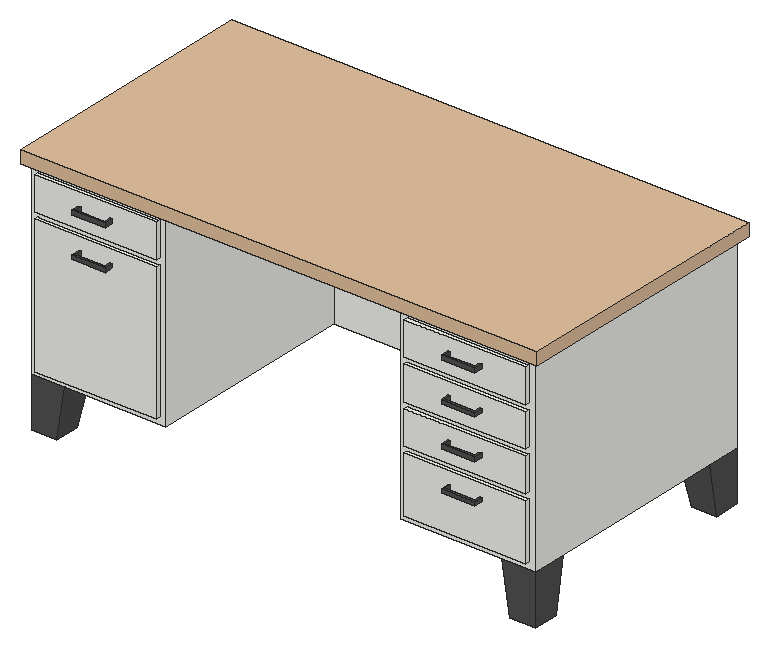
Revit family "Desk", category Furniture, Revit 2018
Family settings
  OmniClass Number = 23.40.20.24.31
  OmniClass Title = Desk
  Work Plane-Based = No
  Always vertical = Yes
  Cut with Voids When Loaded = No
  Shared = Yes
  Room Calculation Point = No
Parameters (values of type "60" x 30"")
  Assembly Code = "E2020200"
  Depth = 2' - 6"
  Body Material = Laminate, Ivory, Matte
  Handle/Leg Material = Steel, Chrome Plated
  Top Material = Cherry
  Height = 2' - 6"
  Leg Height = 0' - 6"
  Width = 5' - 0"
Types (3): name | Depth | Width
  60" x 30" | 2' - 6" | 5' - 0"
  72" x 36" | 3' - 0" | 6' - 0"
  60" x 30" Student | 2' - 6" | 5' - 0"
Reference planes (in)
  plane 1: z = 0
  plane 2: z = 28.5
  plane 3: z = 6
  plane 4: z = 30
  plane 5 "Center (Left/Right)": x = 30
  plane 6 "Center (Front/Back)": y = 15
  plane 7 "Drawer Edge": y = -0.5
  plane 8: x = 8
  plane 9: x = 52
  plane 10: z = 12
  plane 11: z = 16.75
  plane 12: z = 21.5
  plane 13: z = 26.25
  plane 14: z = 21.5
  plane 15: z = 26.25
  plane 16 "Top": y = 30
  plane 17 "Right": x = 60
  plane 18 "Left": x = 0
  plane 19 "Bottom": y = 0
Forms (in)
  Extrusion 1, solid, material "Laminate, Ivory, Matte" <- "Body Material"
    sketch origin (60, 30, 0) x (-1, 0, 0) y (0, -1, 0)
      loop
        line (0, 30) -> (0, 0) -> (60, 0) -> (60, 30) -> (44, 30) -> (44, 5) -> (16, 5) -> (16, 30) -> (0, 30)
    from 6 to 28.5
  Extrusion 2, solid, material "Cherry" <- "Top Material"
    sketch origin (60, 30, 0) x (-1, 0, 0) y (0, -1, 0)
      loop
        line (-0.75, 30.75) -> (-0.75, -0.75) -> (60.75, -0.75) -> (60.75, 30.75) -> (-0.75, 30.75)
    from 28.5 to 30
  Blend 3, solid, material "Steel, Chrome Plated" <- "Handle/Leg Material"
    base sketch origin (60, 30, 0) x (-1, 0, 0) y (0, -1, 0)
      loop
        line (0, 30) -> (0, 27) -> (3, 27) -> (3, 30) -> (0, 30)
    top sketch origin (60, 30, 0) x (-1, 0, 0) y (0, -1, 0)
      loop
        line (0, 30) -> (0, 26) -> (4, 26) -> (4, 30) -> (0, 30)
    from 0 to 6
  Blend 4, solid, material "Steel, Chrome Plated" <- "Handle/Leg Material"
    base sketch origin (60, 33, 0) x (-1, 0, 0) y (0, -1, 0)
      loop
        line (0, 3) -> (3, 3) -> (3, 6) -> (0, 6) -> (0, 3)
    top sketch origin (60, 33, 0) x (-1, 0, 0) y (0, -1, 0)
      loop
        line (0, 3) -> (4, 3) -> (4, 7) -> (0, 7) -> (0, 3)
    from 0 to 6
  Blend 5, solid, material "Steel, Chrome Plated" <- "Handle/Leg Material"
    base sketch origin (60, 33, 0) x (-1, 0, 0) y (0, -1, 0)
      loop
        line (60, 3) -> (60, 6) -> (57, 6) -> (57, 3) -> (60, 3)
    top sketch origin (60, 33, 0) x (-1, 0, 0) y (0, -1, 0)
      loop
        line (60, 3) -> (60, 7) -> (56, 7) -> (56, 3) -> (60, 3)
    from 0 to 6
  Blend 6, solid, material "Steel, Chrome Plated" <- "Handle/Leg Material"
    base sketch origin (60, 30, 0) x (-1, 0, 0) y (0, -1, 0)
      loop
        line (60, 30) -> (57, 30) -> (57, 27) -> (60, 27) -> (60, 30)
    top sketch origin (60, 30, 0) x (-1, 0, 0) y (0, -1, 0)
      loop
        line (60, 30) -> (56, 30) -> (56, 26) -> (60, 26) -> (60, 30)
    from 0 to 6
  Extrusion 7, solid, material "Laminate, Ivory, Matte" <- "Body Material"
    sketch origin (0, 0, 0) x (-1, 0, 0) y (0, 0, 1)
      loop
        line (-59.25, 27.75) -> (-59.25, 23.75) -> (-44.75, 23.75) -> (-44.75, 27.75) -> (-59.25, 27.75)
      loop
        line (-59.25, 6.75) -> (-44.75, 6.75) -> (-44.75, 13.5) -> (-59.25, 13.5) -> (-59.25, 6.75)
      loop
        line (-44.75, 23) -> (-59.25, 23) -> (-59.25, 19) -> (-44.75, 19) -> (-44.75, 23)
      loop
        line (-44.75, 18.25) -> (-59.25, 18.25) -> (-59.25, 14.25) -> (-44.75, 14.25) -> (-44.75, 18.25)
    from -0.5 to 0
  Extrusion 8, solid, material "Laminate, Ivory, Matte" <- "Body Material"
    sketch origin (-12, -6, 0) x (1, 0, 0) y (0, 0, -1)
      loop
        line (12.75, -27.75) -> (27.25, -27.75) -> (27.25, -23.75) -> (12.75, -23.75) -> (12.75, -27.75)
      loop
        line (12.75, -6.75) -> (12.75, -23) -> (27.25, -23) -> (27.25, -6.75) -> (12.75, -6.75)
    from 5.5 to 6
  Sweep 9, solid, material "Steel, Chrome Plated" <- "Handle/Leg Material"
    path origin (60, 30, 0) x (-1, 0, 0) y (0, -1, 0)
      loop
        line (6, 30.5) -> (6, 31.5) -> (10, 31.5) -> (10, 30.5)
    profile origin (0, -1, 0) x (1, 0, 0) y (0, 0, 1)
      loop
        line (54, 12) -> (53.75, 12) -> (53.75, 11.5) -> (54, 11.5) -> (54, 12)
      loop
        line (54, 16.75) -> (53.75, 16.75) -> (53.75, 16.25) -> (54, 16.25) -> (54, 16.75)
      loop
        line (54, 21.5) -> (53.75, 21.5) -> (53.75, 21) -> (54, 21) -> (54, 21.5)
      loop
        line (54, 26.25) -> (53.75, 26.25) -> (53.75, 25.75) -> (54, 25.75) -> (54, 26.25)
  Sweep 10, solid, material "Steel, Chrome Plated" <- "Handle/Leg Material"
    path origin (60, 30, 0) x (-1, 0, 0) y (0, -1, 0)
      loop
        line (54, 30.5) -> (54, 31.5) -> (50, 31.5) -> (50, 30.5)
    profile origin (0, -1, 0) x (1, 0, 0) y (0, 0, 1)
      loop
        line (6, 21.5) -> (6, 21) -> (6.25, 21) -> (6.25, 21.5) -> (6, 21.5)
      loop
        line (6, 26.25) -> (6, 25.75) -> (6.25, 25.75) -> (6.25, 26.25) -> (6, 26.25)
Lines and regions (in)
  Masking region 1
    outline origin (60, 30, 0) x (-1, 0, 0) y (0, -1, 0)
      loop
        line (0, 30) -> (0, 0) -> (60, 0) -> (60, 30) -> (0, 30)
Dimensions and locks (in)
  "Height": plane 1 to plane 4
  plane 3 to plane 1 = 0' - 6"
  plane 2 to plane 4 = 0' - 1 1/2"
  locked: plane 2 to plane 4 at 1.5
  "Leg Height": plane 3 to plane 1
  Extrusion 1 to Extrusion 7 sketch curve = 0' - 0 3/4"
  plane 3 to Extrusion 7 sketch curve = 0' - 0 3/4"
  Extrusion 7 sketch curve to plane 2 = 0' - 0 3/4"
  plane 13 to Extrusion 7 = 0' - 1 1/2"
  plane 12 to Extrusion 7 = 0' - 1 1/2"
  plane 11 to Extrusion 7 = 0' - 1 1/2"
  plane 10 to Extrusion 7 = 0' - 1 1/2"
  plane 15 to Extrusion 8 = 0' - 1 1/2"
  plane 14 to Extrusion 8 = 0' - 1 1/2"
  locked: plane 9 to plane 17 "Right" at 8
  locked: plane 19 "Bottom" to plane 7 "Drawer Edge" at 0.5
  equal spacing: plane 18 "Left", plane 5 "Center (Left/Right)", plane 17 "Right"
  "Width": plane 18 "Left" to plane 17 "Right"
  equal spacing: plane 16 "Top", plane 6 "Center (Front/Back)", plane 19 "Bottom"
  "Depth": plane 16 "Top" to plane 19 "Bottom"
  locked: Extrusion 2 sketch curve to plane 18 "Left" at 0.75
  locked: Extrusion 2 sketch curve to plane 16 "Top" at 0.75
  locked: plane 17 "Right" to Extrusion 2 sketch curve at 0.75
  locked: plane 19 "Bottom" to Extrusion 2 sketch curve at 0.75
  locked: plane 18 "Left" to plane 8 at 8
  locked: plane 18 "Left" to Blend 5 sketch curve at 3
  locked: plane 16 "Top" to Blend 5 sketch curve at 3
  locked: plane 16 "Top" to Blend 4 sketch curve at 3
  locked: Blend 4 sketch curve to plane 17 "Right" at 3
  locked: plane 16 "Top" to Blend 5 sketch curve at 4
  locked: plane 18 "Left" to Blend 5 sketch curve at 4
  locked: Blend 4 sketch curve to plane 17 "Right" at 4
  locked: plane 16 "Top" to Blend 4 sketch curve at 4
  aligned and locked: Extrusion 1 to plane 2
  aligned and locked: plane 2 to Extrusion 2
  aligned and locked: Extrusion 2 to plane 4
  aligned and locked: plane 3 to Extrusion 1
  aligned and locked: Blend 4 to plane 3
  aligned and locked: Blend 5 to plane 3
  aligned and locked: Blend 3 to plane 3
  aligned and locked: Blend 6 to plane 3
  aligned and locked: Extrusion 7 to plane 7 "Drawer Edge"
  aligned and locked: Extrusion 8 to plane 7 "Drawer Edge"
  aligned and locked: Extrusion 1 sketch curve to plane 16 "Top"
  aligned and locked: plane 18 "Left" to Extrusion 1 sketch curve
  aligned and locked: Masking region 1 sketch curve to plane 16 "Top"
  aligned and locked: plane 18 "Left" to Masking region 1 sketch curve
  aligned and locked: plane 19 "Bottom" to Extrusion 8
  aligned and locked: Extrusion 1 to plane 19 "Bottom"
  aligned and locked: plane 19 "Bottom" to Extrusion 1 sketch curve
  aligned and locked: plane 19 "Bottom" to Extrusion 7
  aligned and locked: Blend 5 sketch curve to plane 18 "Left"
  aligned and locked: Blend 5 sketch curve to plane 16 "Top"
  aligned and locked: Blend 4 sketch curve to plane 17 "Right"
  aligned and locked: plane 16 "Top" to Blend 4 sketch curve
Automatic sketch dimensions
  Blend 3 sketch curve to Blend 3 sketch curve = 0' - 3"
  Blend 3 sketch curve to Blend 3 sketch curve = 0' - 4"
  Blend 4 sketch curve to Blend 4 sketch curve = 0' - 4"  (x2)
  Blend 6 sketch curve to Blend 6 sketch curve = 0' - 3"  (x2)
  Blend 6 sketch curve to Blend 6 sketch curve = 0' - 4"  (x2)
  plane 9 to Extrusion 7 sketch curve = 0' - 7 1/4"
  Extrusion 7 sketch curve to Extrusion 7 sketch curve = 0' - 0"  (x5)
  Extrusion 7 sketch curve to Extrusion 7 sketch curve = 0' - 6 3/4"
  Extrusion 7 sketch curve to Extrusion 7 sketch curve = 0' - 0 3/4"  (x3)
  Extrusion 7 sketch curve to Extrusion 7 sketch curve = 0' - 4"  (x2)
  plane 2 to Extrusion 8 sketch curve = 0' - 0 3/4"
  plane 8 to Extrusion 8 sketch curve = 0' - 7 1/4"
  Extrusion 8 sketch curve to Extrusion 8 sketch curve = 0' - 0"
  Extrusion 8 sketch curve to Extrusion 8 sketch curve = 0' - 4"
  Extrusion 8 sketch curve to Extrusion 8 sketch curve = 0' - 0 3/4"
  Extrusion 8 sketch curve to plane 3 = 0' - 0 3/4"
  Sweep 9 sketch curve to plane 7 "Drawer Edge" = 0' - 0"  (x2)
  plane 7 "Drawer Edge" to Sweep 9 sketch curve = 0' - 1"
  Sweep 9 sketch curve to plane 9 = 0' - 2"
  plane 9 to Sweep 9 sketch curve = 0' - 2"
  Sweep 9 sketch curve to plane 10 = 0' - 0"
  Sweep 9 sketch curve to plane 13 = 0' - 0"
  Sweep 9 sketch curve to plane 12 = 0' - 0"
  Sweep 9 sketch curve to plane 11 = 0' - 0"
  Sweep 9 sketch curve to profile plane = 0' - 0"  (x4)
  Sweep 9 sketch curve to Sweep 9 sketch curve = 0' - 0 1/4"  (x4)
  plane 10 to Sweep 9 sketch curve = 0' - 0 1/2"
  plane 11 to Sweep 9 sketch curve = 0' - 0 1/2"
  plane 12 to Sweep 9 sketch curve = 0' - 0 1/2"
  plane 13 to Sweep 9 sketch curve = 0' - 0 1/2"
  Sweep 10 sketch curve to plane 7 "Drawer Edge" = 0' - 0"  (x2)
  plane 7 "Drawer Edge" to Sweep 10 sketch curve = 0' - 1"
  plane 8 to Sweep 10 sketch curve = 0' - 2"
  Sweep 10 sketch curve to plane 8 = 0' - 2"
  Sweep 10 sketch curve to profile plane = 0' - 0"  (x2)
  Sweep 10 sketch curve to plane 15 = 0' - 0"
  Sweep 10 sketch curve to plane 14 = 0' - 0"
  Sweep 10 sketch curve to Sweep 10 sketch curve = 0' - 0 1/4"  (x2)
  plane 14 to Sweep 10 sketch curve = 0' - 0 1/2"
  plane 15 to Sweep 10 sketch curve = 0' - 0 1/2"
  Blend 3 sketch curve to plane 9 = 0' - 8"  (x2)
  Extrusion 7 sketch curve to plane 9 = 0' - 7 1/4"
  Blend 5 sketch curve to Blend 5 sketch curve = 0' - 4"  (x2)
  Blend 6 sketch curve to plane 8 = 0' - 5"
  Blend 6 sketch curve to plane 8 = 0' - 4"
  Extrusion 8 sketch curve to plane 8 = 0' - 7 1/4"  (x2)
  Blend 3 sketch curve to plane 7 "Drawer Edge" = 0' - 3 1/2"
  Blend 3 sketch curve to plane 7 "Drawer Edge" = 0' - 0 1/2"  (x2)
  Blend 3 sketch curve to plane 7 "Drawer Edge" = 0' - 4 1/2"
  Blend 6 sketch curve to plane 7 "Drawer Edge" = 0' - 3 1/2"
  Blend 6 sketch curve to plane 7 "Drawer Edge" = 0' - 4 1/2"
  Masking region 1 sketch curve to plane 17 "Right" = 0' - 0"
  Masking region 1 sketch curve to plane 19 "Bottom" = 0' - 0"
  Extrusion 1 sketch curve to plane 17 "Right" = 0' - 0"
  Extrusion 1 sketch curve to plane 19 "Bottom" = 0' - 0"
  plane 9 to Extrusion 1 sketch curve = 0' - 8"
  plane 8 to Extrusion 1 sketch curve = 0' - 8"
  Extrusion 1 sketch curve to plane 16 "Top" = 0' - 5"
